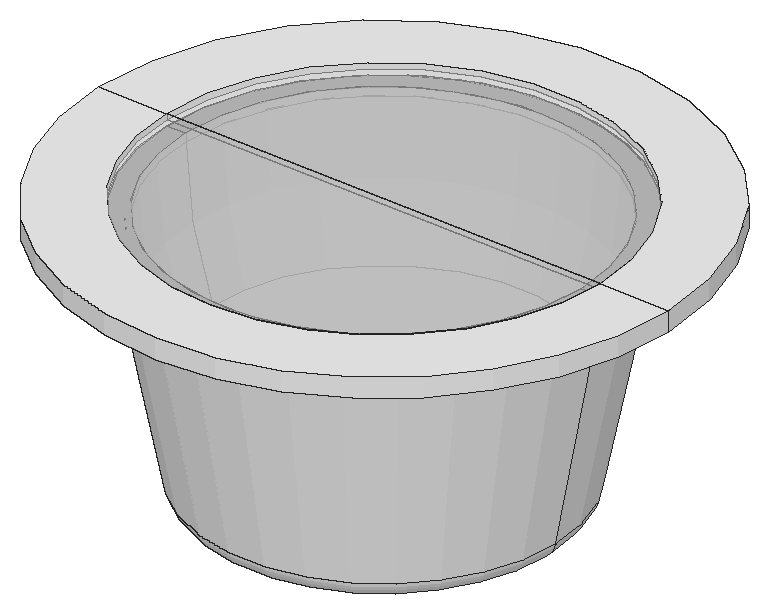
Revit family "2060561+2039013 Sylvania Lighting Fixture ASCENT 100 II ARCH 2700 3K STD EMG 160 with IP54 PC Cover", category Lighting Fixtures, host Face, Revit 2016
Family settings
  Host = Face
  Part Type = Normal
  Round Connector Dimension = Use Diameter
  OmniClass Number = 23.80.70.11.17
  OmniClass Title = Specialized Lighting by Location or Use
  Cut with Voids When Loaded = No
  Light Source = Yes
  Shared = No
  Room Calculation Point = No
Parameters (values of type "2060561+2039013 ASCT100 II ARCH 2700 3K STD EMG 160 with IP54 PC Cover")
  WidthBezelAcc_SYL = 25.0 mm
  Weight = "1.92 kg"
  Wattage = 23 W
  WarrantyStartDate [instance] = "n/a"
  WarrantyGuarantorParts = "n/a"
  WarrantyDurationUnit = "n/a"
  WarrantyDurationParts = "n/a"
  WarrantyDescription = "n/a"
  built-in parameter 1150110 = 1 (stored number, unit not read)
  Voltage = 0 V
  VisibilityAccessory_SYL = yes
  TypeName = "ASCENT 100 II ARCH 2700 3K STD EMG 160 with IP54 PC Cover"
  built-in parameter 1114217 = 1 (stored number, unit not read)
  Tilt Angle = -90°
  built-in parameter 1150109 = 1 (stored number, unit not read)
  built-in parameter 1150134 = (empty or 0)
  built-in parameter 1150113 = 1 (stored number, unit not read)
  SerialNumber [instance] = "n/a"
  ReflectorRadius_SYL = Radius_SYL - 14.5 mm  # 80.0 mm
  RadiusAcc_SYL = 105.0 mm
  Radius_SYL = 94.5 mm
  URL = "http://www.sylvania-lighting.com"
  PowerFactor = 0
  PowerConsumption = "23 W"
  Photometric Web File = "2060561.ies"
  NominalWidth = 0.0 mm
  NominalLength = 0.0 mm
  NominalHeight = 94.0 mm
  Name = "ASCENT 100 II ARCH 2700 3K STD EMG 160 with IP54 PC Cover"
  ModelReference = "ASCENT 100 II ARCH 2700 3K STD EMG 160 with IP54 PC Cover"
  ModelNumber = "2060561+2039013"
  Material_4_SYL = none
  Material_3_SYL = Polycarbonate_Sylvania_Ascent_Clear
  Material_2_SYL = Aluminium_Sylvania_Ascent_Silver
  Material_1_SYL = Aluminum_Sylvania_Ascent_White
  Material = "aluminium housing, arcylic diffuser"
  ManufacturerName = "Feilo Sylvania"
  LuminousEfficacy = "115 lm/W"
  built-in parameter 1150105 = 210.48 (stored number, unit not read)
  Lumens = 2645 lm
  LuminaireType = ""
  built-in parameter 1150115 = 1 (stored number, unit not read)
  LightOutputRatio = "100"
  built-in parameter 1150137 = (empty or 0)
  built-in parameter 1150139 = (empty or 0)
  LampsType = Lamp  # "LED"
  LampNominalLuminous = "2649 lm"
  LampMacAdamStep = "3"
  LampColourTemperature = "3000 K"
  LampColourRenderingIndex = "80"
  built-in parameter 1150112 = 1 (stored number, unit not read)
  built-in parameter 1150114 = 1 (stored number, unit not read)
  Keynote = "16500"
  InstallationDate [instance] = "n/a"
  InputVoltage = "n/a"
  InputNominalFrequency = "n/a"
  built-in parameter 1150132 = (empty or 0)
  built-in parameter 1150102 = (empty or 0)
  built-in parameter 1150107 = 3000 (stored number, unit not read)
  built-in parameter 1150138 = (empty or 0)
  IngressProtection = "IP54"
  ImpactProtectionIndex = "IK02"
  built-in parameter 1150106 = 2.1048 (stored number, unit not read)
  IfcExportType = "IfcLightFixtureType"
  IfcExportAs = "IfcLightFixtureType"
  Height_SYL = 94.0 mm
  HeightAcc_SYL = 7.0 mm
  ExpectedLife = 50000
  EmittionSurface_SYL = if(VisibilityAccessory_SYL, 7.0 mm, 3.0 mm)  # 7.0 mm
  Emit from Circle Diameter = DiffuserRadius_SYL * 2  # 146.0 mm
  Emit Shape Visible in Rendering = no
  ElectricShockClassification = "Class II"
  built-in parameter 1150104 = 10.684 (stored number, unit not read)
  DurationUnit = "hours"
  DocumentationLiterature = "http://www.sylvania-lighting.com/product/en-int/products/2060561"
  DimmingControlOptions = "n/a"
  Dimming Lamp Color Temperature Shift = <None>
  DiffuserRadius_SYL = ReflectorRadius_SYL - 7.0 mm  # 73.0 mm
  Diameter_SYL = 2 * Radius_SYL  # 189.0 mm
  CutoutDiameter_SYL = Diameter_SYL - 13.0 mm  # 176.0 mm
  CreatedOn = "9/17/2018"
  CreatedBy = "@sylvania-lighting.com"
  Color Filter = 16777215
  built-in parameter 1114216 [instance] = 1 (stored number, unit not read)
  Model = "ASCENT 100 II ARCH 2700 3K STD EMG 160 with IP54 PC Cover"
  Manufacturer = "Feilo Sylvania"
  Lamp = "LED"
  Description = "Direct LED retro fit for original LED 100 Arch (160) single CFL lamp offering Matching lumen levels and improved light distribution of original LED 100 CFL lamp equivalents Typically half the power consumption compared to CFL Up to 112lm/W 160mm aperture Architectural reflector accepts range of glass accessories from existing LED 100 Arch 160 offering HE, HO and VHO versions equivalent of single 1 x 18W, 1 x 32W, 1 x 42W\r\n Additional VVHO versions which offer the performance circa 2 x 32W equivalent"  # constant formula
  Default Elevation = 0.0 mm
  built-in parameter 1140040 [instance] = 1
  BarCode [instance] = "n/a"
  built-in parameter 1114218 = 1 (stored number, unit not read)
  built-in parameter 1150133 = 10 (stored number, unit not read)
  AssetType = "Fixed"
  AssetIdentifier [instance] = "n/a"
  Assembly Code = "D5020200"
  Apparent Load = 23 VA
  Aperture_SYL = 2 * ReflectorRadius_SYL  # 160.0 mm
Types (2, lengths in mm): name | Wattage | TypeName | Photometric Web File | Name | ModelReference | built-in parameter 1150105 | Lumens | built-in parameter 1150106 | Model | Apparent Load
  2060561+2039013 ASCT100 II ARCH 2700 3K STD EMG 160 with IP54 PC Cover | 23 W | "ASCENT 100 II ARCH 2700 3K STD EMG 160 with IP54 PC Cover" | "2060561.ies" | "ASCENT 100 II ARCH 2700 3K STD EMG 160 with IP54 PC Cover" | "ASCENT 100 II ARCH 2700 3K STD EMG 160 with IP54 PC Cover" | 210.48 (stored number, unit not read) | 2645 lm | 2.1048 (stored number, unit not read) | "ASCENT 100 II ARCH 2700 3K STD EMG 160 with IP54 PC Cover" | 23 VA
  2060561+2039013 ASCT100 II ARCH 2700 3K STD EMG 160 with IP54 PC Cover Emergency mode | 1.55652 W | "ASCT100 II ARCH 2700 3K STD EMG 160 with IP54 PC Cover Emergency mode" | "2060561EM.ies" | "ASCT100 II ARCH 2700 3K STD EMG 160 with IP54 PC Cover Emergency mode" | "ASCT100 II ARCH 2700 3K STD EMG 160 with IP54 PC Cover Emergency mode" | 14.244 (stored number, unit not read) | 179 lm | 0.14244 (stored number, unit not read) | "ASCT100 II ARCH 2700 3K STD EMG 160 with IP54 PC Cover Emergency mode" | 1.55652 VA
Reference planes
  plane 1 "Center (Front/Back)": y = 0
  plane 2: z = 0
  plane 3 "Center (Left/Right)": x = 0
  plane 4 "Fixture Bottom": z = 3
  plane 5: z = -52.5
  plane 6 "Fixture Top": z = -91
  plane 7: x = -105
  plane 8: z = 7
  plane 9: x = -80
  plane 10: z = 5
  plane 11: x = -103
Forms (mm)
  Extrusion 1, solid, material "Aluminum_Sylvania_Ascent_White", detail levels fine
    sketch origin (0, 0, 0) x (1, 0, 0) y (0, 1, 0)
      loop
        circle (0, 0) r 94.5
      loop
        circle (0, 0) r 80
    from 0 to 3
  Extrusion 2, void
    sketch origin (0, 0, 0) x (1, 0, 0) y (0, 1, 0)
      loop
        circle (0, 0) r 88
    from -91 to 3
  Revolve 3, solid, material "Aluminum_Sylvania_Ascent_White" <- "Material_1_SYL", detail levels fine
    sketch origin (0, 0, 0) x (1, 0, 0) y (0, 0, 1)
      loop
        line (0, -91.073) -> (0, -89.023) -> (-55.468, -89.014)
        arc (-55.468, -89.014) -> (-59.352, -87.613) -> (-61.54, -84.139) r 6.307
        line (-61.54, -84.139) -> (-77.991, -2.844) -> (-77.991, 0) -> (-80, 0) -> (-80, -3) -> (-63.5, -84.536)
        arc (-63.5, -84.536) -> (-60.643, -89.203) -> (-55.5, -91.073) r 8.291
        line (-55.5, -91.073) -> (0, -91.073)
      axis (0, 0) -> (0, -91.073)
    angle from 0 to 360
  Revolve 4, solid, material "Aluminium_Sylvania_Ascent_Silver" <- "Material_2_SYL", detail levels fine
    sketch origin (0, 0, 0) x (1, 0, 0) y (0, 0, 1)
      loop
        line (-80, 3) -> (-80, 0) -> (-75, 0)
        arc (-75, 0) -> (-72.349, -26.77) -> (-64.5, -52.5) r 136.5
        line (-64.5, -52.5) -> (-58, -52.5)
        arc (-58, -52.5) -> (-56.857, -61.521) -> (-53.5, -69.971) r 36.166
        line (-53.5, -69.971) -> (0, -69.971) -> (0, -50.5) -> (-63.16, -50.5)
        arc (-63.16, -50.5) -> (-70.517, -25.725) -> (-73, 0) r 134.5
        line (-73, 0) -> (-73, 3) -> (-80, 3)
      axis (0, 3) -> (0, -69.971)
    angle from 0 to 360
  Extrusion 5, solid, material "Polycarbonate_Sylvania_Ascent_Clear" <- "Material_3_SYL", detail levels fine
    sketch origin (0, 0, 0) x (1, 0, 0) y (0, 1, 0)
      loop
        circle (0, 0) r 73
    from 0 to 3
  Revolve 6, solid, material "Aluminum_Sylvania_Ascent_White" <- "Material_1_SYL", detail levels coarse+medium
    sketch origin (0, 0, 0) x (1, 0, 0) y (0, 0, 1)
      loop
        line (0, -91.073) -> (0, 3) -> (-94.5, 3) -> (-94.5, 0) -> (-79.5, 0) -> (-79.5, -3) -> (-63, -84.536)
        arc (-63, -84.536) -> (-60.143, -89.203) -> (-55, -91.073) r 8.291
        line (-55, -91.073) -> (0, -91.073)
      axis (0, 3) -> (0, -91.073)
    angle from 0 to 360
  Revolve 7, solid, material "Aluminum_Sylvania_Ascent_White" <- "Material_1_SYL", visible <- "VisibilityAccessory_SYL"
    sketch origin (0, 0, 0) x (1, 0, 0) y (0, 0, 1)
      loop
        line (-105, 0) -> (-103, 0) -> (-103, 5) -> (-80, 5) -> (-80, 7) -> (-105, 7) -> (-105, 0)
      axis (0, 7) -> (0, 0)
    angle from 0 to 360
  Revolve 8, solid, material "Polycarbonate_Sylvania_Ascent_Clear" <- "Material_3_SYL", visible <- "VisibilityAccessory_SYL"
    sketch origin (0, 0, 0) x (1, 0, 0) y (0, 0, 1)
      loop
        line (-80, 7) -> (-80, 5) -> (0, 5) -> (0, 7) -> (-80, 7)
      axis (0, 7) -> (0, 5)
    angle from 0 to 360
Lines and regions (mm)
  reference lines
    curve 1: line (-150, 0, 7) -> (125, 0, 7)
Dimensions and locks
  locked: plane 4 "Fixture Bottom" to plane 2 at 3
  "Height_SYL": plane 4 "Fixture Bottom" to plane 6 "Fixture Top"
  "ReflectorRadius_SYL": plane 3 "Center (Left/Right)" to Revolve 4 sketch curve
  locked: Revolve 4 sketch curve to Revolve 4 sketch curve at 15.5
  locked: Revolve 4 sketch curve to Revolve 4 sketch curve at 5
  locked: Revolve 4 sketch curve to Revolve 4 sketch curve at 7
  locked: Revolve 4 sketch curve to Revolve 4 sketch curve at 22
  locked: Revolve 4 sketch curve to Revolve 4 sketch curve at 26.5
  locked: Revolve 3 sketch curve to Revolve 3 sketch curve at 16.5
  locked: Revolve 3 sketch curve to Revolve 3 sketch curve at 24.5
  "ReflectorRadius_SYL": Revolve 3 sketch curve to plane 3 "Center (Left/Right)"
  locked: Revolve 3 sketch curve to plane 6 "Fixture Top" at 6.464
  locked: plane 2 to Revolve 3 sketch curve at 3
  locked: Revolve 3 sketch curve to Revolve 3 sketch curve at 2
  locked: Revolve 3 sketch curve to Revolve 3 sketch curve at 2.009
  locked: plane 2 to plane 5 at 52.5
  locked: Revolve 6 sketch curve to Revolve 6 sketch curve at 31.5
  locked: Revolve 6 sketch curve to Revolve 6 sketch curve at 39.5
  locked: Revolve 6 sketch curve to Revolve 6 sketch curve at 15
  "Radius_SYL": plane 3 "Center (Left/Right)" to Revolve 6 sketch curve
  "RadiusAcc_SYL": plane 3 "Center (Left/Right)" to plane 7
  "HeightAcc_SYL": plane 8 to level
  "WidthBezelAcc_SYL": plane 7 to plane 9
  locked: plane 7 to plane 11 at 2
  locked: plane 8 to plane 10 at 2
  "EmittionSurface_SYL": curve 1 to level
  "CutoutDiameter_SYL": diameter of Extrusion 2 sketch curve
  "ReflectorRadius_SYL": radius of Extrusion 1 sketch curve
  "DiffuserRadius_SYL": radius of Extrusion 5 sketch curve
  "Radius_SYL": radius of Extrusion 1 sketch curve
  aligned and locked: host face to plane 2
  aligned and locked: host face to level
  aligned and locked: plane 4 "Fixture Bottom" to Extrusion 1
  aligned and locked: Extrusion 1 to plane 2
  aligned and locked: Revolve 3 sketch curve to plane 3 "Center (Left/Right)"
  aligned and locked: Revolve 4 sketch curve to plane 3 "Center (Left/Right)"  (x2)
  aligned and locked: plane 4 "Fixture Bottom" to Revolve 4 sketch curve
  aligned and locked: Extrusion 5 to plane 2
  aligned and locked: plane 2 to Revolve 3 sketch curve  (x2)
  aligned and locked: Revolve 6 sketch curve to plane 3 "Center (Left/Right)"
  aligned and locked: plane 6 "Fixture Top" to Extrusion 2
  aligned and locked: Revolve 7 sketch curve to plane 3 "Center (Left/Right)"
  aligned and locked: host face to Revolve 7 sketch curve  (x2)
  aligned and locked: Revolve 7 sketch curve to plane 7
  aligned and locked: plane 8 to Revolve 7 sketch curve
  aligned and locked: plane 9 to Revolve 7 sketch curve
  aligned and locked: Revolve 7 sketch curve to plane 10
  aligned and locked: plane 11 to Revolve 7 sketch curve
  aligned and locked: Revolve 7 to Revolve 8 sketch curve
  aligned and locked: Revolve 8 sketch curve to Revolve 7  (x2)
  aligned and locked: Revolve 8 sketch curve to plane 3 "Center (Left/Right)"  (x2)
  aligned and locked: plane 3 "Center (Left/Right)" to imposter light
  aligned and locked: imposter light to plane 1 "Center (Front/Back)"
  aligned and locked: imposter light to curve 1
Automatic sketch dimensions
  plane 1 "Center (Front/Back)" to Extrusion 2 sketch curve = 0.0 mm
  Extrusion 2 sketch curve to plane 3 "Center (Left/Right)" = 0.0 mm
  Extrusion 1 sketch curve to Extrusion 1 sketch curve = 0.0 mm  (x2)
  plane 1 "Center (Front/Back)" to Extrusion 1 sketch curve = 0.0 mm
  Extrusion 1 sketch curve to plane 3 "Center (Left/Right)" = 0.0 mm
  plane 6 "Fixture Top" to Revolve 3 sketch curve = 0.073 mm
  Revolve 3 sketch curve to plane 6 "Fixture Top" = 6.861 mm
  Revolve 3 sketch curve to Revolve 3 sketch curve = 0.003 mm
  Revolve 3 sketch curve to Revolve 3 sketch curve = 0.009 mm  (x2)
  Revolve 3 sketch curve to Revolve 3 sketch curve = 0.023 mm
  Revolve 3 sketch curve to Revolve 3 sketch curve = 0.072 mm
  Revolve 3 sketch curve to Revolve 3 sketch curve = 0.008 mm
  Revolve 3 sketch curve to plane 6 "Fixture Top" = 1.977 mm
  Revolve 3 sketch curve to Revolve 3 sketch curve = 33.496 mm
  Revolve 3 sketch curve to Revolve 3 sketch curve = 0.028 mm
  plane 4 "Fixture Bottom" to Revolve 3 sketch curve = 82.431 mm
  Revolve 4 sketch curve to Revolve 4 sketch curve = 0.0 mm  (x2)
  Revolve 4 sketch curve to plane 5 = 0.0 mm
  Revolve 4 sketch curve to level = 0.0 mm
  plane 5 to Revolve 4 sketch curve = 2.0 mm
  plane 4 "Fixture Bottom" to Revolve 4 sketch curve = 9.642 mm
  plane 1 "Center (Front/Back)" to Extrusion 5 sketch curve = 0.0 mm
  Extrusion 5 sketch curve to plane 3 "Center (Left/Right)" = 0.0 mm
  Revolve 4 sketch curve to level = 69.971 mm
  Revolve 4 sketch curve to Revolve 4 sketch curve = 2.387 mm
  Revolve 6 sketch curve to level = 0.0 mm
  Revolve 6 sketch curve to plane 3 "Center (Left/Right)" = 0.0 mm
  Revolve 6 sketch curve to Revolve 6 sketch curve = 8.104 mm
  Revolve 6 sketch curve to level = 3.0 mm
  Revolve 6 sketch curve to plane 6 "Fixture Top" = 6.464 mm
  plane 6 "Fixture Top" to Revolve 6 sketch curve = 0.073 mm
  Revolve 6 sketch curve to Revolve 6 sketch curve = 33.496 mm
  plane 4 "Fixture Bottom" to Revolve 6 sketch curve = 82.431 mm
  host sketch curve to host sketch curve = 1704.996 mm
  host sketch curve to host sketch curve = 1500.0 mm
  plane 6 "Fixture Top" to Revolve 7 sketch curve = 281.274 mm
  Revolve 7 sketch curve to plane 8 = 1140.706 mm
  plane 6 "Fixture Top" to Revolve 8 sketch curve = 281.274 mm
  Revolve 8 sketch curve to Revolve 8 sketch curve = 1140.706 mm
  Revolve 3 sketch curve to plane 3 "Center (Left/Right)" = 0.0 mm
  Revolve 6 sketch curve to plane 4 "Fixture Bottom" = 0.0 mm
  plane 7 to curve 1 = 45.0 mm
  plane 3 "Center (Left/Right)" to curve 1 = 125.0 mm
Connectors
  electrical at (0, 0, -91.073), driven by "Apparent Load"
    settings: on Revolve 3, index 1, voltage 240 V, apparent load 0 VA, apparent load phase1 23 VA, apparent load phase2 0 VA, apparent load phase3 0 VA, power factor 1, load classification "Lighting", number of poles 1, system type 31, power factor state 1, is connector primary yes, connector utility no, sub classification motor no, connector description ""
